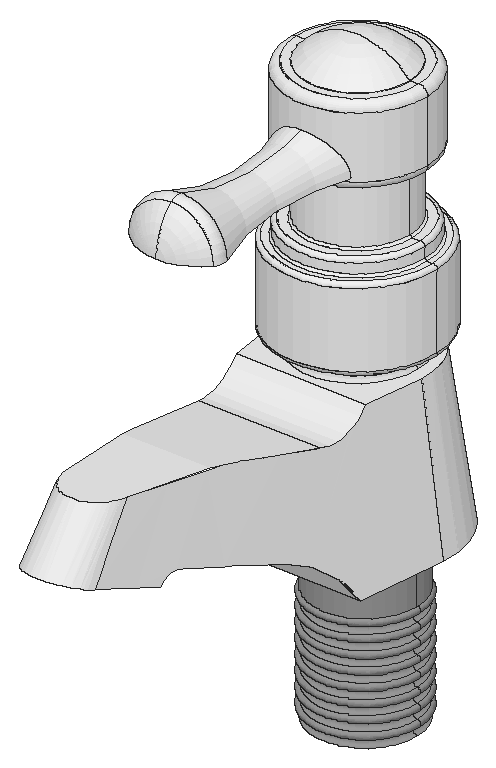
Revit family "411250001_Lavamanos sencillo palanca Balta", category Plumbing Fixtures, host Face, Revit 2020
Family settings
  Host = Face
  Round Connector Dimension = Use Diameter
  Part Type = Normal
  OmniClass Number = 23.31.11.00
  OmniClass Title = Faucets
  Cut with Voids When Loaded = No
  Shared = No
  Room Calculation Point = No
Parameters (values of type "Lavamanos sencillo palanca Balta")
  Temperaturas mínima de trabajo = "5° C / 41° F."  # constant formula
  Temperaturas máxima de trabajo = "71° C / 159.8° F."  # constant formula
  Recubrimientos = "Resistente a la corrosión, pelado y decoloración por agua. Recubrimientos no tóxicos. Producto para uso doméstico."  # constant formula
  Profundidad = 118 mm  # constant formula
  Presión mínima recomendada = "20 psi."  # constant formula
  Presión máxima recomendada = "120 psi."  # constant formula
  Peso Neto aprox = "135 gr. / 0.30 lb."  # constant formula
  Peso Bruto aprox = "145 gr. / 0.32 lb."  # constant formula
  Normatividad = "NTC 1644."  # constant formula
  Model = "411250001_Lavamanos sencillo palanca Balta."  # constant formula
  Material 2 = Corona_Acero inoxidable
  Material = Corona_Cromado
  Manufacturer = "Corona."  # constant formula
  Garantía = "30 años Grival - 5 años Cromado."  # constant formula
  Fecha de creación = "05/05/2021"  # constant formula
  Diámetro abasto = 12.7 mm
  Dimensiones generales del producto = "147 x 74 x 132 mm."  # constant formula
  Description = "El LAVAMANOS SENCILLO BALTA ha sido diseñada para trabajar en perfecta armonía con el espacio; inspirada en las necesidades del consumidor latinoamericano dando como resultado un producto robusto y funcional. Ideal para instalaciones donde no se necesita mezclar agua fría y caliente. Incorpora un sistema aireador que genera un chorro de agua espumoso, agradable al tacto. "  # constant formula
  Default Elevation = 1219.2 mm
  Creado por = "BIMBAU"  # constant formula
  Ciclo de vida de la unidad de cierre = "500000 ciclos."  # constant formula
  Capacidad de flujo = "A 60 psi: 8.3 L/min."  # constant formula
  Ancho = 45 mm  # constant formula
  Alto = 147 mm  # constant formula
Reference planes
  plane 1 "Center (Front/Back)": y = 0
  plane 2: z = 0
  plane 3 "Center (Left/Right)": x = 0
Dimensions and locks
  aligned and locked: plane 2 to host face
  aligned and locked: level to host face
Nested families
  nested 1: "Lavamanos sencillo palanca Balta" at (0, 0, 0), type "Lavamanos sencillo palanca Balta"
Connectors
  piping at (0, -20, 0), diameter 12.7, driven by "Diámetro abasto"
    settings: on nested 1, index 1, connector inside diameter 609.6 mm, connector length 0 mm, flow factor 0, pipe flow 0.0 L/s, pressure drop 0.0 Pa, fitting loss kfactor 0, connector angle 0.00°, fixture units 0, engagement length 0 mm, angle of deflection 0.00°, flow configuration 0, flow direction 0, fitting loss method 0, system type 20, joint type 0, gender type 0, connector reference index -1, connector utility 0, adjustable connector no, is connector primary yes, connector description ""
Definition of nested family "Lavamanos sencillo palanca Balta"
  Parameters (values of type "Lavamanos sencillo palanca Balta")
    Profundidad = 118 mm
    Model = "411250001_Lavamanos sencillo palanca Balta."  # constant formula
    Material 2 = none
    Material = none
    Manufacturer = "Corona."  # constant formula
    Description = "El LAVAMANOS SENCILLO BALTA ha sido diseñada para trabajar en perfecta armonía con el espacio; inspirada en las necesidades del consumidor latinoamericano dando como resultado un producto robusto y funcional. Ideal para instalaciones donde no se necesita mezclar agua fría y caliente. Incorpora un sistema aireador que genera un chorro de agua espumoso, agradable al tacto."  # constant formula
    Default Elevation = 0 mm
    Ancho = 45 mm
    Alto = 147 mm
  Reference planes
    plane 1 "Center (Front/Back)": y = 0
    plane 2: z = 0
    plane 3 "Center (Left/Right)": x = 0
    plane 4: x = -22.5
    plane 5: x = 22.5
    plane 6: y = -118
    plane 7: z = 104
    plane 8: z = -43
  Forms (mm)
    Blend 1, solid, material <- "Material", detail levels medium+fine
      base sketch origin (4267.2, -118.754, 29.247) x (0, -0.97096, 0.239242) y (1, 0, 0)
        loop
          line (-100.867, -4290.053) -> (-2.207, -4276.209)
          arc (-2.207, -4276.209) -> (5.626, -4267.2) -> (-2.207, -4258.191) r 9.097
          line (-2.207, -4258.191) -> (-100.867, -4244.347)
          arc (-100.867, -4244.347) -> (-127.15, -4267.2) -> (-100.867, -4290.053) r 23.077
      top sketch origin (4267.2, -118.754, 29.247) x (0, -0.97096, 0.239242) y (1, 0, 0)
        loop
          line (-87.891, -4284.051) -> (-21.285, -4273.997)
          arc (-21.285, -4273.997) -> (-15.437, -4267.2) -> (-21.285, -4260.403) r 6.874
          line (-21.285, -4260.403) -> (-87.891, -4250.349)
          arc (-87.891, -4250.349) -> (-107.477, -4267.2) -> (-87.891, -4284.051) r 17.042
      from -12.024 to 35.533
    Extrusion 2, void
      sketch origin (0, 0.571, 0) x (0, 1, 0) y (0, 0, 1)
        loop
          line (-5.844, 38.035) -> (-5.844, 66.289) -> (-109.026, 66.289) -> (-109.026, 42.789)
          arc (-109.026, 42.789) -> (-80.427, 40.403) -> (-52.466, 33.94) r 199.656
          arc (-52.466, 33.94) -> (-45.507, 33.991) -> (-39.844, 38.035) r 11.536
          line (-39.844, 38.035) -> (-5.844, 38.035)
      from -30 to 30
    Extrusion 3, void
      sketch origin (0, 0.571, 0) x (0, 1, 0) y (0, 0, 1)
        loop
          line (-134.09, 34.996) -> (-134.09, -15) -> (4.9, -15) -> (4.9, 0) -> (-46.319, 0)
          arc (-46.319, 0) -> (-54.338, 8.956) -> (-64.88, 14.732) r 35.604
          line (-64.88, 14.732) -> (-90.26, 23.471)
          arc (-90.26, 23.471) -> (-93.38, 23.568) -> (-96.008, 21.883) r 5.272
          line (-96.008, 21.883) -> (-134.09, 34.996)
      from -30 to 30
    Revolve 4, solid, material <- "Material", detail levels medium+fine
      sketch origin (102.76, -22.38, 10) x (1, 0, 0) y (0, 0, 1)
        loop
          line (-102.643, 89.66) -> (-117.429, 89.66)
          arc (-117.429, 89.66) -> (-118.843, 89.075) -> (-119.429, 87.66) r 2
          line (-119.429, 87.66) -> (-119.429, 72.737)
          arc (-119.429, 72.737) -> (-118.843, 71.323) -> (-117.429, 70.737) r 2
          line (-117.429, 70.737) -> (-102.643, 70.737) -> (-102.643, 89.66)
        axis (-102.643, 89.66) -> (-102.643, 70.737)
      angle from 0 to 360
    Revolve 5, solid, material <- "Material", detail levels medium+fine
      sketch origin (0.318, 80.498, 10) x (0.001945, 0.999998, 0) y (0, 0, 1)
        loop
          line (-163.65, 73.342) -> (-114.205, 73.342) -> (-114.205, 83.514)
          arc (-114.205, 83.514) -> (-135.038, 79.682) -> (-155.758, 84.087) r 54.462
          arc (-155.758, 84.087) -> (-157.405, 84.294) -> (-158.91, 83.593) r 3
          arc (-158.91, 83.593) -> (-162.376, 78.974) -> (-163.65, 73.342) r 13.804
        axis (-163.65, 73.342) -> (-114.205, 73.342)
      angle from 0 to 360
    Extrusion 6, void
      sketch origin (90.569, 80.322, 10) x (0.001945, 0.999998, 0) y (0, 0, 1)
        loop
          line (-110.061, 73.342) -> (-171.889, 73.342) -> (-171.889, 58.342) -> (-110.061, 58.342) -> (-110.061, 73.342)
      from -129.283 to -45.953
    Revolve 7, solid, material <- "Material", detail levels medium+fine
      sketch origin (-102.644, -22.38, 10) x (-1, 0, 0) y (0, 0, -1)
        loop
          arc (-120.852, -32.092) -> (-121.559, -32.385) -> (-121.852, -33.092) r 1
          line (-121.852, -33.092) -> (-121.852, -51.092)
          arc (-121.852, -51.092) -> (-121.559, -51.799) -> (-120.852, -52.092) r 1
          line (-120.852, -52.092) -> (-119.4, -52.092)
          arc (-119.4, -52.092) -> (-119.046, -52.238) -> (-118.9, -52.592) r 0.5
          line (-118.9, -52.592) -> (-118.9, -54.921)
          arc (-118.9, -54.921) -> (-118.607, -55.628) -> (-117.9, -55.921) r 1
          line (-117.9, -55.921) -> (-115.831, -55.921)
          arc (-115.831, -55.921) -> (-115.477, -56.068) -> (-115.331, -56.421) r 0.5
          line (-115.331, -56.421) -> (-115.331, -89.66)
          arc (-115.331, -89.66) -> (-109.574, -93.785) -> (-102.643, -95.243) r 17.21
          line (-102.643, -95.243) -> (-102.643, -27.338) -> (-117.667, -27.338)
          arc (-117.667, -27.338) -> (-117.156, -28.387) -> (-116.981, -29.541) r 3.88
          line (-116.981, -29.541) -> (-116.981, -31.592)
          arc (-116.981, -31.592) -> (-117.127, -31.945) -> (-117.481, -32.092) r 0.5
          line (-117.481, -32.092) -> (-120.852, -32.092)
        axis (-102.643, -95.243) -> (-102.643, -27.338)
      angle from 0 to 360
    Extrusion 8, solid, material <- "Material", detail levels coarse
      sketch origin (0, 0, 0) x (1, 0, 0) y (0, 1, 0)
        loop
          line (-22.5, 0) -> (-22.5, -118) -> (22.5, -118) -> (22.5, 0) -> (-22.5, 0)
      from -43 to 104
    Revolve 9, solid, material <- "Material 2", detail levels medium+fine
      sketch origin (0, -20, 0) x (1, 0, 0) y (0, 0, 1)
        loop
          line (0, 0) -> (0, -43) -> (12.5, -43)
          arc (12.5, -43) -> (11.5, -42) -> (12.5, -41) r 1
          arc (12.5, -41) -> (13.25, -40.25) -> (12.5, -39.5) r 0.75
          arc (12.5, -39.5) -> (11.5, -38.5) -> (12.5, -37.5) r 1
          arc (12.5, -37.5) -> (13.25, -36.75) -> (12.5, -36) r 0.75
          arc (12.5, -36) -> (11.5, -35) -> (12.5, -34) r 1
          arc (12.5, -34) -> (13.25, -33.25) -> (12.5, -32.5) r 0.75
          arc (12.5, -32.5) -> (11.5, -31.5) -> (12.5, -30.5) r 1
          arc (12.5, -30.5) -> (13.25, -29.75) -> (12.5, -29) r 0.75
          arc (12.5, -29) -> (11.5, -28) -> (12.5, -27) r 1
          arc (12.5, -27) -> (13.25, -26.25) -> (12.5, -25.5) r 0.75
          arc (12.5, -25.5) -> (11.5, -24.5) -> (12.5, -23.5) r 1
          arc (12.5, -23.5) -> (13.25, -22.75) -> (12.5, -22) r 0.75
          arc (12.5, -22) -> (11.5, -21) -> (12.5, -20) r 1
          arc (12.5, -20) -> (13.25, -19.25) -> (12.5, -18.5) r 0.75
          arc (12.5, -18.5) -> (11.5, -17.5) -> (12.5, -16.5) r 1
          arc (12.5, -16.5) -> (13.25, -15.75) -> (12.5, -15) r 0.75
          line (12.5, -15) -> (12.5, 0) -> (0, 0)
        axis (0, 0) -> (0, -43)
      angle from 0 to 360
  Cuts and joins
    Extrusion 2, Extrusion 3 cuts Blend 1
    joined: Blend 1, Revolve 7
    Extrusion 6 cuts Revolve 5
  Dimensions and locks
    "Profundidad": plane 1 "Center (Front/Back)" to plane 6
    "Ancho": plane 4 to plane 5
    "Alto": plane 7 to plane 8
    aligned and locked: level to plane 2
  Automatic sketch dimensions
    Blend 1 sketch curve to plane 3 "Center (Left/Right)" = 0 mm  (x4)
    Blend 1 sketch curve to plane 4 = 0.353 mm
    Blend 1 sketch curve to Blend 1 sketch curve = 3.207 mm
    Blend 1 sketch curve to plane 5 = 0.353 mm
    Blend 1 sketch curve to Blend 1 sketch curve = 97.395 mm
    Blend 1 sketch curve to plane 3 "Center (Left/Right)" = 9.009 mm
    Blend 1 sketch curve to Blend 1 sketch curve = 1.264 mm
    plane 3 "Center (Left/Right)" to Blend 1 sketch curve = 9.009 mm
    plane 5 to Blend 1 sketch curve = 5.649 mm
    Blend 1 sketch curve to Blend 1 sketch curve = 2.544 mm
    plane 4 to Blend 1 sketch curve = 5.649 mm
    Blend 1 sketch curve to Blend 1 sketch curve = 65.58 mm
    Blend 1 sketch curve to plane 3 "Center (Left/Right)" = 6.797 mm
    Blend 1 sketch curve to Blend 1 sketch curve = 1.026 mm
    plane 3 "Center (Left/Right)" to Blend 1 sketch curve = 6.797 mm
    plane 6 to Extrusion 2 sketch curve = 7.284 mm
    plane 6 to Extrusion 2 sketch curve = 9.544 mm
    plane 1 "Center (Front/Back)" to Extrusion 2 sketch curve = 48.496 mm
    Extrusion 2 sketch curve to Extrusion 2 sketch curve = 9.223 mm
    plane 1 "Center (Front/Back)" to Extrusion 2 sketch curve = 5.273 mm
    Extrusion 2 sketch curve to plane 8 = 113.854 mm
    level to Extrusion 2 sketch curve = 38.035 mm
    level to Extrusion 2 sketch curve = 42.789 mm
    Extrusion 2 sketch curve to Extrusion 2 sketch curve = 6.93 mm
    Extrusion 2 sketch curve to Extrusion 2 sketch curve = 28.254 mm
    Extrusion 3 sketch curve to level = 0 mm
    Extrusion 3 sketch curve to plane 6 = 15.52 mm
    plane 6 to Extrusion 3 sketch curve = 22.563 mm
    Extrusion 3 sketch curve to Extrusion 3 sketch curve = 4.031 mm
    Extrusion 3 sketch curve to Extrusion 3 sketch curve = 1.716 mm
    Extrusion 3 sketch curve to level = 18.932 mm
    Extrusion 3 sketch curve to Extrusion 3 sketch curve = 15.505 mm
    level to Extrusion 3 sketch curve = 14.732 mm
    Extrusion 3 sketch curve to Extrusion 3 sketch curve = 25.38 mm
    Extrusion 3 sketch curve to plane 1 "Center (Front/Back)" = 5.471 mm
    Extrusion 3 sketch curve to level = 15 mm
    level to Extrusion 3 sketch curve = 18.486 mm
    Extrusion 3 sketch curve to Extrusion 3 sketch curve = 3.397 mm
    level to Extrusion 3 sketch curve = 34.996 mm
    plane 4 to Revolve 4 sketch curve = 5.83 mm
    Revolve 4 sketch curve to Revolve 4 sketch curve = 2 mm  (x2)
    plane 3 "Center (Left/Right)" to Revolve 4 sketch curve = 0.117 mm  (x2)
    Revolve 4 sketch curve to plane 7 = 23.263 mm
    Revolve 4 sketch curve to plane 7 = 6.34 mm
    Revolve 4 sketch curve to Revolve 4 sketch curve = 7.596 mm
    Revolve 4 sketch curve to Revolve 4 sketch curve = 2.404 mm
    Revolve 5 sketch curve to plane 7 = 20.658 mm
    Revolve 5 sketch curve to Revolve 5 sketch curve = 6.71 mm
    Revolve 5 sketch curve to Revolve 5 sketch curve = 7.094 mm
    Revolve 5 sketch curve to Revolve 5 sketch curve = 22.653 mm
    Revolve 5 sketch curve to Revolve 5 sketch curve = 35.642 mm
    Revolve 5 sketch curve to Revolve 5 sketch curve = 0.161 mm  (x2)
    Revolve 5 sketch curve to Revolve 5 sketch curve = 7.988 mm
    Revolve 5 sketch curve to Revolve 5 sketch curve = 10.172 mm
    plane 7 to Revolve 5 sketch curve = 40.138 mm
    Revolve 5 sketch curve to Revolve 5 sketch curve = 0 mm
    Revolve 5 sketch curve to Revolve 5 sketch curve = 3.607 mm
    Revolve 5 sketch curve to Revolve 5 sketch curve = 12.355 mm
    Extrusion 6 sketch curve to plane 7 = 20.658 mm
    Extrusion 6 sketch curve to Extrusion 6 sketch curve = 61.829 mm
    Extrusion 6 sketch curve to Extrusion 6 sketch curve = 15 mm
    plane 5 to Revolve 7 sketch curve = 3.293 mm
    Revolve 7 sketch curve to Revolve 7 sketch curve = 0.991 mm
    Revolve 7 sketch curve to Revolve 7 sketch curve = 1 mm  (x3)
    Revolve 7 sketch curve to Revolve 7 sketch curve = 1.452 mm
    Revolve 7 sketch curve to Revolve 7 sketch curve = 0.5 mm  (x3)
    Revolve 7 sketch curve to Revolve 7 sketch curve = 3.194 mm
    Revolve 7 sketch curve to Revolve 7 sketch curve = 3.371 mm
    Revolve 7 sketch curve to Revolve 7 sketch curve = 2.069 mm
    Revolve 7 sketch curve to plane 3 "Center (Left/Right)" = 0.001 mm  (x2)
    plane 7 to Revolve 7 sketch curve = 1.243 mm
    Revolve 7 sketch curve to plane 7 = 4.34 mm
    Revolve 7 sketch curve to Revolve 7 sketch curve = 21.612 mm
    Revolve 7 sketch curve to Revolve 7 sketch curve = 2.329 mm
    Revolve 7 sketch curve to Revolve 7 sketch curve = 18 mm
    Revolve 7 sketch curve to Revolve 7 sketch curve = 2.55 mm
    Revolve 7 sketch curve to Revolve 7 sketch curve = 1.337 mm
    Revolve 7 sketch curve to Revolve 7 sketch curve = 12.032 mm
    Extrusion 8 sketch curve to plane 4 = 0 mm
    Extrusion 8 sketch curve to plane 5 = 0 mm
    Extrusion 8 sketch curve to plane 6 = 0 mm
    plane 1 "Center (Front/Back)" to Extrusion 8 sketch curve = 0 mm
    Revolve 9 sketch curve to level = 0 mm
    Revolve 9 sketch curve to plane 8 = 0 mm
    Revolve 9 sketch curve to plane 3 "Center (Left/Right)" = 0 mm  (x2)
    plane 8 to Revolve 9 sketch curve = 2.75 mm
    plane 5 to Revolve 9 sketch curve = 10 mm
    plane 8 to Revolve 9 sketch curve = 1 mm
    Revolve 9 sketch curve to Revolve 9 sketch curve = 1.75 mm  (x14)
    Revolve 9 sketch curve to Revolve 9 sketch curve = 0.75 mm
    Revolve 9 sketch curve to Revolve 9 sketch curve = 0 mm  (x14)
    Revolve 9 sketch curve to Revolve 9 sketch curve = 5.199 mm
    Revolve 9 sketch curve to Revolve 9 sketch curve = 2.408 mm
  Nested families
    nested 1: "Lateral" at (0, 0, 0) x (0, 1, 0) z (1, 0, 0), type "Lateral", detail levels medium+fine
    nested 2: "Frontal" at (0, 0, 0) x (1, 0, 0) z (0, -1, 0), type "Frontal", detail levels medium+fine
  Definition of nested family "Lateral"
    Reference planes
      plane 1 "Center (Front/Back)": y = 0
      plane 2: z = 0
      plane 3 "Center (Left/Right)": x = 0
      plane 4: x = -118
    Lines and regions (mm)
      Filled region 1, type "Solid", in view "Ref. Level"
        outline origin (-17.342, 0.492, 0) x (1, 0, 0) y (0, 1, 0)
          loop
            arc (-100.468, 28.413) -> (-100.568, 27.962) -> (-100.256, 27.621) r 0.5
            line (-100.256, 27.621) -> (-80.13, 20.296)
            arc (-80.13, 20.296) -> (-79.529, 20.27) -> (-79.022, 20.593) r 1
            line (-79.022, 20.593) -> (-77.791, 22.06)
            arc (-77.791, 22.06) -> (-77.052, 22.61) -> (-76.143, 22.771) r 2
            arc (-76.143, 22.771) -> (-49.379, 15.917) -> (-27.153, -0.492) r 72.146
            line (-27.153, -0.492) -> (17.342, -0.492) -> (11.085, 39.015) -> (-18.307, 39.015) -> (-24.128, 34.131)
            arc (-24.128, 34.131) -> (-27.386, 32.541) -> (-31.01, 32.665) r 7.5
            arc (-31.01, 32.665) -> (-58.704, 39.232) -> (-86.881, 43.255) r 312.84
            arc (-86.881, 43.255) -> (-87.83, 43.116) -> (-88.605, 42.55) r 2
            line (-88.605, 42.55) -> (-100.468, 28.413)
      Filled region 2, type "Solid", in view "Ref. Level"
        outline origin (-17.833, 6.155, 0) x (1, 0, 0) y (0, 1, 0)
          loop
            line (14.066, 33.353) -> (14.066, 51.147) -> (10.926, 53.346) -> (10.926, 54.889) -> (7.534, 57.264) -> (6.56, 71.202) -> (-3.75, 71.202) -> (-14.06, 71.202) -> (-15.034, 57.264) -> (-18.426, 54.889) -> (-18.426, 53.346) -> (-21.566, 51.147) -> (-21.566, 33.353) -> (14.066, 33.353)
      Filled region 3, type "Solid", in view "Ref. Level"
        outline origin (-17.833, 6.155, 0) x (1, 0, 0) y (0, 1, 0)
          loop
            line (-14.06, 71.202) -> (9.473, 71.202)
            arc (9.473, 71.202) -> (10.777, 71.742) -> (11.316, 73.045) r 1.843
            line (11.316, 73.045) -> (11.316, 86.007)
            arc (11.316, 86.007) -> (10.044, 87.841) -> (7.886, 88.409) r 3.226
            arc (7.886, 88.409) -> (-4.614, 94.298) -> (-17.114, 88.409) r 16.211
            arc (-17.114, 88.409) -> (-19.688, 87.494) -> (-20.637, 84.934) r 3.226
            arc (-20.637, 84.934) -> (-22.208, 81.142) -> (-26, 79.571) r 5.362
            spline (-26, 79.571) -> (-33.986, 79.711) -> (-39.779, 80.077) -> (-43.97, 80.589) -> (-47.148, 81.166) -> (-49.901, 81.731) -> (-52.591, 82.254) -> (-55.17, 82.807) -> (-57.542, 83.469) -> (-59.645, 84.122) -> (-61.566, 83.718) -> (-63.435, 80.933) -> (-65.38, 74.447)
            arc (-65.38, 74.447) -> (-64.874, 72.484) -> (-63.203, 71.338) r 2.885
            spline (-63.203, 71.338) -> (-57.924, 71.19) -> (-54.543, 71.987) -> (-51.674, 72.599) -> (-48.169, 72.874) -> (-44.272, 72.925) -> (-40.552, 72.914) -> (-37.06, 72.808) -> (-33.629, 72.494) -> (-30.157, 71.994) -> (-26.659, 71.573) -> (-22.284, 71.375) -> (-14.06, 71.202)
      detail lines, in view "Ref. Level"
        curve 1: line (-33.704, 95.907, 0) -> (-11.19, 95.907, 0)
        curve 2: line (-9.947, 94.564, 0) -> (-34.947, 94.564, 0)
        curve 3: line (-36.917, 38.444, 0) -> (-6.089, 38.444, 0)
        curve 4: line (-45.627, 1.206, 0) -> (-0.191, 1.206, 0)
  Definition of nested family "Frontal"
    Reference planes
      plane 1 "Center (Front/Back)": y = 0
      plane 2: z = 0
      plane 3 "Center (Left/Right)": x = 0
      plane 4: y = 104
      plane 5: x = 22.5
      plane 6: x = -22.5
    Lines and regions (mm)
      Filled region 1, type "Solid", in view "Ref. Level"
        outline origin (2.65, 0, 0) x (1, 0, 0) y (0, 1, 0)
          loop
            line (-25.15, 0) -> (19.85, 0) -> (13.062, 34.921)
            arc (13.062, 34.921) -> (12.753, 35.441) -> (12.184, 35.645) r 0.895
            line (12.184, 35.645) -> (8.225, 35.645) -> (7.78, 36.599) -> (6.957, 37.775)
            arc (6.957, 37.775) -> (6.278, 38.408) -> (5.401, 38.711) r 2.237
            arc (5.401, 38.711) -> (-2.65, 39.209) -> (-10.701, 38.711) r 65.295
            arc (-10.701, 38.711) -> (-11.578, 38.408) -> (-12.257, 37.775) r 2.237
            line (-12.257, 37.775) -> (-13.08, 36.599) -> (-13.525, 35.645) -> (-17.484, 35.645)
            arc (-17.484, 35.645) -> (-18.053, 35.441) -> (-18.362, 34.921) r 0.895
            line (-18.362, 34.921) -> (-25.15, 0)
      Filled region 2, type "Solid", in view "Ref. Level"
        outline origin (2.65, 0, 0) x (1, 0, 0) y (0, 1, 0)
          loop
            line (-21.605, 0) -> (16.305, 0) -> (8.482, 24.077)
            spline (8.482, 24.077) -> (8.102, 24.829) -> (6.99, 25.529) -> (5.221, 26.131) -> (2.916, 26.592) -> (0.231, 26.882) -> (-2.65, 26.981) -> (-5.531, 26.882) -> (-8.216, 26.592) -> (-10.521, 26.131) -> (-12.29, 25.529) -> (-13.402, 24.829) -> (-13.782, 24.077)
            line (-13.782, 24.077) -> (-21.605, 0)
      Filled region 3, type "Solid", in view "Ref. Level"
        outline origin (2.65, 0, 0) x (1, 0, 0) y (0, 1, 0)
          loop
            arc (-12.406, 22.118) -> (-2.65, 21.041) -> (7.106, 22.118) r 44.732
            spline (7.106, 22.118) -> (6.774, 23.276) -> (5.799, 24.355) -> (4.249, 25.281) -> (2.228, 25.992) -> (-0.125, 26.439) -> (-2.65, 26.592) -> (-5.175, 26.439) -> (-7.528, 25.992) -> (-9.549, 25.281) -> (-11.099, 24.355) -> (-12.074, 23.276) -> (-12.406, 22.118)
      Filled region 4, type "Solid", in view "Ref. Level"
        outline origin (2.65, 0, 0) x (1, 0, 0) y (0, 1, 0)
          loop
            spline (-2.65, 21.378) -> (-0.913, 21.443) -> (0.705, 21.635) -> (2.095, 21.941) -> (3.161, 22.339) -> (3.831, 22.803) -> (4.06, 23.3) -> (3.831, 23.797) -> (3.161, 24.261) -> (2.095, 24.659) -> (0.705, 24.965) -> (-0.913, 25.157) -> (-2.65, 25.222)
            spline (-2.65, 25.222) -> (-4.387, 25.157) -> (-6.005, 24.965) -> (-7.395, 24.659) -> (-8.461, 24.261) -> (-9.131, 23.797) -> (-9.36, 23.3) -> (-9.131, 22.803) -> (-8.461, 22.339) -> (-7.395, 21.941) -> (-6.005, 21.635) -> (-4.387, 21.443) -> (-2.65, 21.378)
      Filled region 5, type "Solid", in view "Ref. Level"
        outline origin (2.65, 0, 0) x (1, 0, 0) y (0, 1, 0)
          loop
            line (-24.914, 1.213) -> (-25.15, 0) -> (19.85, 0) -> (19.614, 1.213) -> (-24.914, 1.213)
      Filled region 6, type "Solid", in view "Ref. Level"
        outline origin (-38.479, 1.268, 0) x (1, 0, 0) y (0, 1, 0)
          loop
            arc (18.885, 35.363) -> (19.178, 34.656) -> (19.885, 34.363) r 1
            line (19.885, 34.363) -> (57.074, 34.363)
            arc (57.074, 34.363) -> (57.781, 34.656) -> (58.074, 35.363) r 1
            line (58.074, 35.363) -> (58.074, 53.503)
            arc (58.074, 53.503) -> (57.998, 53.885) -> (57.781, 54.21) r 1
            line (57.781, 54.21) -> (51.295, 60.695)
            arc (51.295, 60.695) -> (51.079, 61.019) -> (51.003, 61.402) r 1
            line (51.003, 61.402) -> (51.003, 75.988)
            arc (51.003, 75.988) -> (53.503, 77.023) -> (54.538, 79.523) r 3.536
            line (54.538, 79.523) -> (54.538, 96.721)
            arc (54.538, 96.721) -> (53.503, 99.221) -> (51.003, 100.256) r 3.536
            line (51.003, 100.256) -> (38.479, 100.256) -> (25.956, 100.256)
            arc (25.956, 100.256) -> (23.456, 99.221) -> (22.421, 96.721) r 3.536
            line (22.421, 96.721) -> (22.421, 79.523)
            arc (22.421, 79.523) -> (23.456, 77.023) -> (25.956, 75.988) r 3.536
            line (25.956, 75.988) -> (25.956, 61.402)
            arc (25.956, 61.402) -> (25.88, 61.019) -> (25.664, 60.695) r 1
            line (25.664, 60.695) -> (19.178, 54.21)
            arc (19.178, 54.21) -> (18.961, 53.885) -> (18.885, 53.503) r 1
            line (18.885, 53.503) -> (18.885, 35.363)
      Filled region 7, type "Solid", in view "Ref. Level"
        outline origin (-58.074, 43.366, 0) x (1, 0, 0) y (0, 1, 0)
          loop
            line (48.074, 58.159) -> (68.074, 58.159)
            spline (68.074, 58.159) -> (67.733, 59.19) -> (66.734, 60.151) -> (65.145, 60.977) -> (63.074, 61.61) -> (60.662, 62.008) -> (58.074, 62.144) -> (55.485, 62.008) -> (53.074, 61.61) -> (51.003, 60.977) -> (49.413, 60.151) -> (48.414, 59.19) -> (48.074, 58.159)
      detail lines, in view "Ref. Level"
        curve 1: line (-10.43, 36.599, 0) -> (-16.102, 24.436, 0)
        curve 2: line (10.43, 36.599, 0) -> (16.102, 24.436, 0)
        curve 3: line (17.364, 1.788, 0) -> (11.146, 22.126, 0)
        curve 4: line (-17.364, 1.788, 0) -> (-11.146, 22.126, 0)
        curve 5: line (-17.364, 1.788, 0) -> (17.364, 1.788, 0)
        curve 6: line (9.897, 1.788, 0) -> (9.897, 1.085, 0)
        curve 7: line (-9.897, 1.788, 0) -> (-9.897, 1.085, 0)
        curve 8: line (-12.523, 77.256, 0) -> (12.523, 77.256, 0)
        curve 9: spline (-12.523, 77.256, 0) -> (-12.096, 79.844, 0) -> (-10.845, 82.256, 0) -> (-8.855, 84.327, 0) -> (-6.262, 85.916, 0) -> (-3.241, 86.915, 0) -> (0, 87.256, 0) -> (3.241, 86.915, 0) -> (6.262, 85.916, 0) -> (8.855, 84.327, 0) -> (10.845, 82.256, 0) -> (12.096, 79.844, 0) -> (12.523, 77.256, 0)
